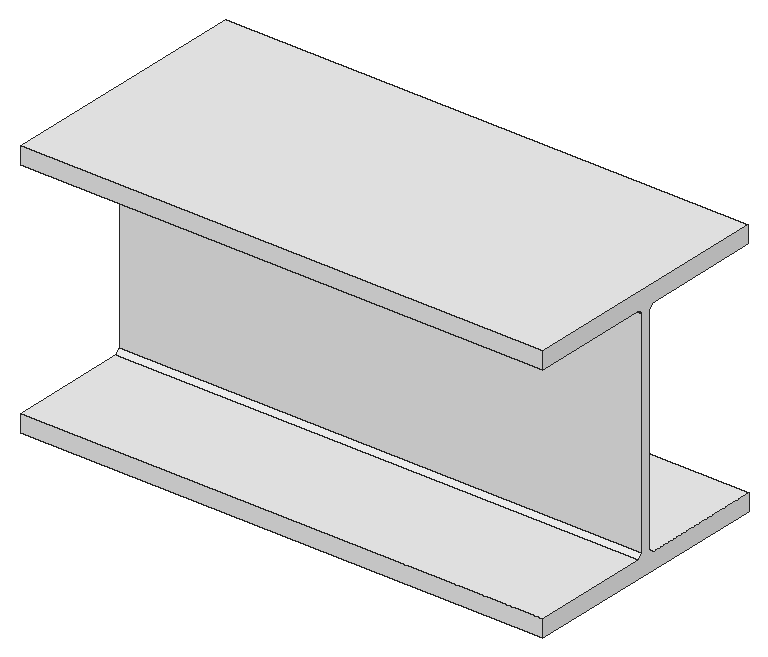
Revit family
Parameters (values of type "WWF600x460")
  Start Extension Calculation [instance] = 3012.5 mm + Start Extension  # 3000 mm
  Start Extension [instance] = -12.5 mm
  Keynote = "G10"
  End Extension Calculation [instance] = 3012.5 mm + End Extension  # 3000 mm
  End Extension [instance] = -12.5 mm
  Beam Material [instance] = Metal - Steel - 345 MPa
  A = 58600.00 m²
  Length [instance] = 1524 mm
  W = 4.51
  bf = 600 mm
  d = 600 mm
  k = 20 mm
  tf = 40 mm
  tw = 20 mm
Reference planes
  plane 1 "Center (Front/Back)": y = 0
  plane 2: z = 0
  plane 3 "Center (Left/Right)": x = 4.61
  plane 4 "Member Left": x = -604.99
  plane 5 "Member Right": x = 614.21
  plane 6: y = 300
  plane 7: y = -300
  plane 8 "Top": z = 300
  plane 9: z = -300
  plane 10 "Left": x = -757.39
  plane 11 "Right": x = 766.61
  plane 12: x = -604.99
  plane 13: x = 614.21
  plane 14: x = 2395.01
  plane 15: x = -2385.79
Forms (mm)
  Sweep 1, solid, material "Metal - Steel - 345 MPa" <- "Beam Material", detail levels medium
    path origin (0, 0, 0) x (1, 0, 0) y (0, 1, 0)
      loop
        line (614.21, 0) -> (-604.99, 0)
    profile "M_WWF-Wide Flange-Profile-Medium : M_WWF-Wide Flange-Profile-Medium" origin (4.61, 0, 0) x (0, -1, 0) y (0, 0, 1)
      loop
        line (-300, -300) -> (300, -300) -> (300, -260) -> (10, -260) -> (10, 260) -> (300, 260) -> (300, 300) -> (-300, 300) -> (-300, 260) -> (-10, 260) -> (-10, -260) -> (-300, -260) -> (-300, -300)
  Sweep 2, solid, material "Metal - Steel - 345 MPa" <- "Beam Material", detail levels fine
    path origin (0, 0, 0) x (1, 0, 0) y (0, 1, 0)
      loop
        line (614.21, 0) -> (-604.99, 0)
    profile "M_WWF-Wide Flange-Profile-Fine : M_WWF-Wide Flange-Profile-Fine" origin (4.61, 0, 0) x (0, -1, 0) y (0, 0, 1)
      loop
        line (-300, -300) -> (300, -300) -> (300, -260) -> (20, -260) -> (10, -250) -> (10, 250) -> (20, 260) -> (300, 260) -> (300, 300) -> (-300, 300) -> (-300, 260) -> (-20, 260) -> (-10, 250) -> (-10, -250) -> (-20, -260) -> (-300, -260) -> (-300, -300)
Lines and regions (mm)
  symbolic lines, style "Hidden Faces", detail levels medium+fine
    curve 1: line (614.21, -10, 0) -> (-604.99, -10, 0)
    curve 2: line (614.21, 10, 0) -> (-604.99, 10, 0)
  symbolic lines, style "Stick Symbols", detail levels coarse
    curve 3: line (4.61, 300, 300) -> (4.61, -300, 300)
    curve 4: line (4.61, -300, -300) -> (4.61, 300, -300)
    curve 5: line (4.61, 0, 300) -> (4.61, 0, -300)
Dimensions and locks
  "bf": plane 6 to plane 7
  "d": plane 9 to plane 8 "Top"
  equal spacing: plane 9, plane 2, plane 8 "Top"
  equal spacing: plane 6, plane 1 "Center (Front/Back)", plane 7
  "Length": plane 10 "Left" to plane 11 "Right"
  "tw": curve 2 to curve 1
  equal spacing: curve 2, plane 1 "Center (Front/Back)", curve 1
  locked: plane 4 "Member Left" to plane 14 at 3000
  locked: plane 15 to plane 5 "Member Right" at 3000
  "End Extension Calculation": plane 15 to plane 13
  "Start Extension Calculation": plane 12 to plane 14
  aligned and locked: Sweep 1 sketch curve to plane 1 "Center (Front/Back)"
  aligned and locked: Sweep 2 sketch curve to plane 1 "Center (Front/Back)"
  aligned and locked: Sweep 2 to curve 3  (x2)
  aligned and locked: Sweep 2 to curve 4  (x2)
  aligned and locked: curve 3 to Sweep 2
  aligned and locked: curve 4 to Sweep 2
  aligned and locked: plane 12 to Sweep 2 sketch curve
  aligned and locked: plane 13 to Sweep 2 sketch curve
  aligned and locked: plane 12 to Sweep 1 sketch curve
  aligned and locked: plane 13 to Sweep 1 sketch curve
  aligned and locked: plane 12 to curve 2
  aligned and locked: plane 12 to curve 1
  aligned and locked: plane 13 to curve 2
  aligned and locked: plane 13 to curve 1
Automatic sketch dimensions
  curve 5 to plane 1 "Center (Front/Back)" = 0 mm
